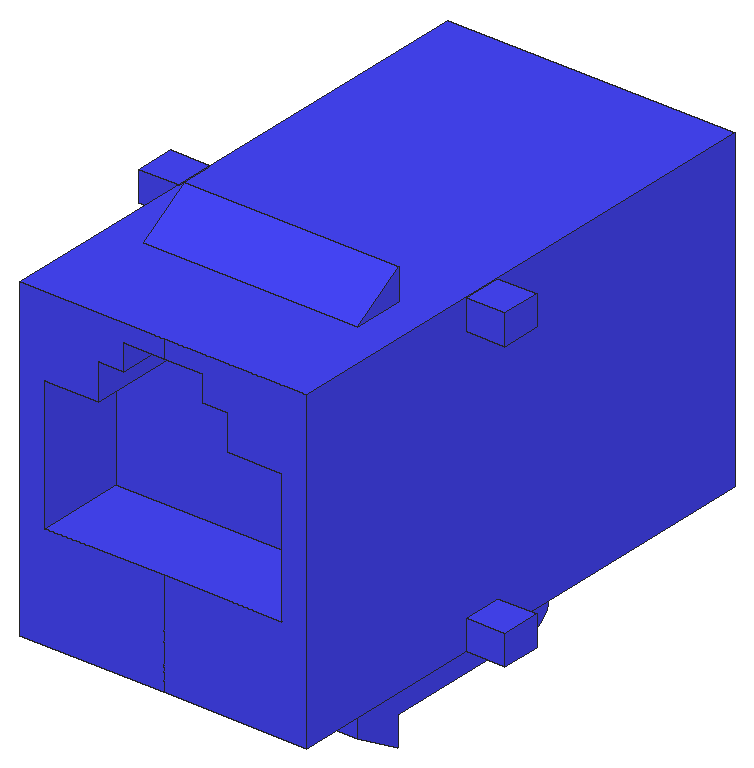
Revit family "ITK_Проходной адаптер категории 5E_Keystone Jack_Неэкранированный", category Обобщенные модели, Revit 2019
Family settings
  Может служить основой для арматурных стержней = Нет
  Размер круглого соединителя = Использовать диаметр
  Тип детали = Нормальный
  На основе рабочей плоскости = Нет
  Всегда вертикально = Да
  При загрузке вырезать с полостями = Нет
  Общий = Нет
  Точка расчета площади = Нет
Parameters (values of type "CS7-1C5EU")
  Ширина = 14.5 mm
  Степень защиты = ""
  Материал = Пластик белый
  Изготовитель = "ITK"  # constant formula
  Дата изменения = ""
  Глубина = 27 mm
  Высота = 16 mm
  URL = "https://www.iek.ru/"
  KSI_CPr_Строительные изделия = "61.1.03.04"  # constant formula
  KSI_CMa_Строительные материалы = "01.7.14.03"  # constant formula
  IEK_Цена за единицу = 106.9
  IEK_Поиск в таблице имен = ""
  IEK_Описание = "Соответствие международным стандартам качества, что обеспечивает совместимость с компонентами и с кабелем.\r\nИзготовлены из высококачественных негорючих материалов и отличаются надежностью и удобством эксплуатации."
  IEK_URL = "https://www.itk-group.ru/produktsiya/catalog/oborudovanie_telekommunikatsionnoe/komponenty_sks_mednye/rozetki_adaptery_i_moduli_keystone/moduli_keystone_jack_informatsionnye_rozetki_rozetochnye_korpusa_i_adaptery/adaptery/adaptery_neekranirovannye/itk_prokhodnoy_adapter_kat_5e_utp_rj45_rj45_8p8c_tip_keystone_jack_belyy"
  ADSK_Примечание = ""
  ADSK_Позиция [instance] = ""
  ADSK_Наименование = "ITK Проходной адаптер кат.5E UTP, RJ45-RJ45, тип Keystone Jack"
  ADSK_Материал обозначение = ""
  ADSK_Материал наименование = "Пластик"  # constant formula
  ADSK_Масса = 0
  ADSK_Марка = ""  # constant formula
  ADSK_Код изделия = "CS7-1C5EU"
  ADSK_Завод-изготовитель = "IEK"  # constant formula
  ADSK_Единица измерения = "шт"  # constant formula
  ADSK_Группирование = "I. ЩИТЫ И ПУЛЬТЫ"  # constant formula
  ADSK_Версия семейства = "1.0"  # constant formula
  ADSK_Версия Revit = "2019"  # constant formula
  ADSK_URL страницы изделия = "https://www.itk-group.ru/produktsiya/catalog/oborudovanie_telekommunikatsionnoe/komponenty_sks_mednye/rozetki_adaptery_i_moduli_keystone/moduli_keystone_jack_informatsionnye_rozetki_rozetochnye_korpusa_i_adaptery/adaptery/adaptery_neekranirovannye/"
Reference planes
  plane 1 "По центру (Вперед/Назад)": y = 0
  plane 2: z = 0
  plane 3 "По центру (Влево/Вправо)": x = 0
  plane 4: x = -7.25
  plane 5: x = 7.25
  plane 6: z = 16
  plane 7: y = 27
  plane 8: y = 16.404
  plane 9: z = 9.15
Forms (mm)
  Extrusion 1, solid, material "Пластик белый" <- "Материал", detail levels fine
    sketch origin (0, 0, 0) x (1, 0, 0) y (0, 1, 0)
      loop
        line (7.25, 27) -> (-7.25, 27) -> (-7.25, 0) -> (0, 0) -> (7.25, 0) -> (7.25, 27)
    from 16 to 0
  Extrusion 2, solid, material "Условный материал-отделка", detail levels coarse+medium
    sketch origin (0, 0, 0) x (1, 0, 0) y (0, 1, 0)
      loop
        line (-7.25, 0) -> (7.25, 0) -> (7.25, 27) -> (-7.25, 27) -> (-7.25, 0)
    from 16 to 0
  Extrusion 3, solid, material "Пластик белый" <- "Материал", detail levels fine
    sketch origin (0, 0, 18.3) x (0, 1, 0) y (0, 0, 1)
      loop
        line (18, -20.3) -> (18, -19.014)
        arc (18, -19.014) -> (18.064, -18.527) -> (18.5, -18.3) r 0.532
        line (18.5, -18.3) -> (14.5, -18.3)
        arc (14.5, -18.3) -> (14.897, -18.489) -> (15, -18.917) r 0.511
        line (15, -18.917) -> (15, -19.8)
        arc (15, -19.8) -> (14.795, -20.213) -> (14.342, -20.3) r 0.519
        line (14.342, -20.3) -> (6, -20.3) -> (6, -21.3) -> (8.5, -22.8) -> (8.5, -21.3) -> (17, -21.3)
        arc (17, -21.3) -> (17.707, -21.007) -> (18, -20.3) r 1
    from 5.016 to -5.016
  Extrusion 4, void
    sketch origin (0, 0, 0) x (1, 0, 0) y (0, 0, 1)
      loop
        line (-6, 5.3) -> (6, 5.3) -> (6, 12) -> (3.25, 12) -> (3.25, 13.8) -> (2, 13.8) -> (2, 15.1) -> (-2, 15.1) -> (-2, 13.8) -> (-3.25, 13.8) -> (-3.25, 12) -> (-6, 12) -> (-6, 5.3)
    from -4.5 to 0
  Extrusion 5, void
    sketch origin (0, 22.5, 0) x (1, 0, 0) y (0, 0, 1)
      loop
        line (-6, 5.3) -> (6, 5.3) -> (6, 12) -> (3.25, 12) -> (3.25, 13.8) -> (2, 13.8) -> (2, 15.1) -> (-2, 15.1) -> (-2, 13.8) -> (-3.25, 13.8) -> (-3.25, 12) -> (-6, 12) -> (-6, 5.3)
    from -4.5 to 0
  Extrusion 6, solid, material "Пластик белый", detail levels fine
    sketch origin (0, 0, 0) x (0, 1, 0) y (0, 0, 1)
      loop
        line (8.1, 17.6) -> (5.5, 16) -> (8.1, 16) -> (8.1, 17.6)
    from 5.4 to -5.4
  Extrusion 7, solid, material "Пластик белый", detail levels fine
    sketch origin (0, 0, 0) x (1, 0, 0) y (0, 0, 1)
      loop
        line (-9.25, 16) -> (-9.25, 14.5) -> (-7.25, 14.5) -> (-7.25, 16) -> (-9.25, 16)
      loop
        line (7.25, 16) -> (7.25, 14.5) -> (9.25, 14.5) -> (9.25, 16) -> (7.25, 16)
      loop
        line (-9.25, 1.5) -> (-9.25, 0) -> (-7.25, 0) -> (-7.25, 1.5) -> (-9.25, 1.5)
      loop
        line (7.25, 1.5) -> (7.25, 0) -> (9.25, 0) -> (9.25, 1.5) -> (7.25, 1.5)
    from -10 to -12
  Extrusion 8, solid, material "Окраска - RAL 9005", detail levels fine
    sketch origin (0.379, 35.118, 2.588) x (1, 0, 0) y (0, 1, 0)
      loop
        line (-5.232, -13.364) -> (-3.567, -13.364) -> (-3.567, -9.556) -> (-5.232, -9.556) -> (-5.232, -13.364)
      loop
        line (-5.232, -13.895) -> (-5.232, -15.511) -> (-3.567, -15.511) -> (-3.567, -13.895) -> (-5.232, -13.895)
      loop
        line (0.71, -15.511) -> (2.28, -15.511) -> (2.28, -13.668) -> (3.133, -13.668) -> (4.33, -15.511) -> (6.243, -15.511) -> (4.076, -12.538) -> (6.243, -9.556) -> (4.33, -9.556) -> (3.133, -11.399) -> (2.28, -11.399) -> (2.28, -9.556) -> (0.71, -9.556) -> (0.71, -15.511)
      loop
        line (-3.092, -13.895) -> (-3.092, -15.511) -> (0.169, -15.511) -> (0.169, -13.895) -> (-3.092, -13.895)
      loop
        line (-2.278, -13.364) -> (-0.613, -13.364) -> (-0.613, -9.556) -> (-2.278, -9.556) -> (-2.278, -13.364)
    from -3.069 to -2.588
  Extrusion 9, solid, material "Условный материал-отделка", detail levels coarse+medium
    sketch origin (0, 0, 0) x (1, 0, 0) y (0, 1, 0)
      loop
        line (-7.25, 27) -> (-7.25, 0) -> (7.25, 0) -> (7.25, 27) -> (-7.25, 27)
    from 0 to 16 <- "Высота"
Cuts and joins
  Extrusion 4, Extrusion 5 cuts Extrusion 1
  Extrusion 4, Extrusion 5 cuts Extrusion 2
Dimensions and locks
  "Высота": plane 6 to level
  plane 1 "По центру (Вперед/Назад)" to plane 7 = 27 mm
  plane 1 "По центру (Вперед/Назад)" to plane 8 = 16.404 mm
  "Глубина": plane 7 to plane 1 "По центру (Вперед/Назад)"
  equal spacing: plane 4, plane 3 "По центру (Влево/Вправо)", plane 5
  "Ширина": plane 4 to plane 5
  aligned and locked: level to plane 2
  aligned and locked: plane 6 to Extrusion 1
  aligned and locked: plane 6 to Extrusion 2
  aligned and locked: plane 7 to Extrusion 1
  aligned and locked: level to Extrusion 8
  aligned and locked: Extrusion 9 sketch curve to cut or joined group of Extrusion 1, Extrusion 4, Extrusion 5  (x3)
  aligned and locked: Extrusion 9 sketch curve to cut or joined group of Extrusion 2, Extrusion 4, Extrusion 5
  aligned and locked: plane 7 to Extrusion 5
Automatic sketch dimensions
  plane 1 "По центру (Вперед/Назад)" to Extrusion 1 sketch curve = 0 mm
  Extrusion 1 sketch curve to plane 4 = 0 mm
  Extrusion 1 sketch curve to plane 3 "По центру (Влево/Вправо)" = 0 mm
  Extrusion 1 sketch curve to plane 5 = 0 mm
  Extrusion 1 sketch curve to plane 7 = 0 mm
  Extrusion 2 sketch curve to plane 4 = 0 mm
  Extrusion 2 sketch curve to plane 5 = 0 mm
  plane 1 "По центру (Вперед/Назад)" to Extrusion 2 sketch curve = 0 mm
  Extrusion 2 sketch curve to plane 7 = 0 mm
  Extrusion 3 sketch curve to level = 0 mm
  Extrusion 3 sketch curve to Extrusion 3 sketch curve = 2.5 mm
  plane 8 to Extrusion 3 sketch curve = 2.062 mm
  Extrusion 3 sketch curve to Extrusion 3 sketch curve = 0.139 mm
  Extrusion 3 sketch curve to Extrusion 3 sketch curve = 0.019 mm
  Extrusion 3 sketch curve to Extrusion 3 sketch curve = 0.519 mm
  Extrusion 3 sketch curve to plane 8 = 0.596 mm
  level to Extrusion 3 sketch curve = 0.714 mm
  Extrusion 3 sketch curve to plane 8 = 1.596 mm
  Extrusion 3 sketch curve to Extrusion 3 sketch curve = 0.5 mm
  level to Extrusion 3 sketch curve = 0.511 mm
  Extrusion 3 sketch curve to Extrusion 3 sketch curve = 0.883 mm
  Extrusion 3 sketch curve to Extrusion 3 sketch curve = 1.286 mm
  Extrusion 3 sketch curve to Extrusion 3 sketch curve = 1 mm
  Extrusion 3 sketch curve to Extrusion 3 sketch curve = 1.5 mm
  plane 4 to Extrusion 4 sketch curve = 1.25 mm
  Extrusion 4 sketch curve to Extrusion 4 sketch curve = 2.75 mm
  Extrusion 4 sketch curve to plane 6 = 0.9 mm
  Extrusion 4 sketch curve to Extrusion 4 sketch curve = 1.25 mm  (x2)
  plane 3 "По центру (Влево/Вправо)" to Extrusion 4 sketch curve = 2 mm
  Extrusion 4 sketch curve to plane 5 = 1.25 mm
  Extrusion 4 sketch curve to Extrusion 4 sketch curve = 1.3 mm  (x2)
  Extrusion 4 sketch curve to plane 9 = 2.85 mm  (x2)
  plane 9 to Extrusion 4 sketch curve = 3.85 mm
  plane 4 to Extrusion 5 sketch curve = 1.25 mm
  Extrusion 5 sketch curve to Extrusion 5 sketch curve = 2.75 mm
  Extrusion 5 sketch curve to plane 6 = 0.9 mm
  Extrusion 5 sketch curve to Extrusion 5 sketch curve = 1.25 mm  (x2)
  plane 3 "По центру (Влево/Вправо)" to Extrusion 5 sketch curve = 2 mm
  Extrusion 5 sketch curve to plane 5 = 1.25 mm
  Extrusion 5 sketch curve to Extrusion 5 sketch curve = 1.3 mm  (x2)
  Extrusion 5 sketch curve to plane 9 = 2.85 mm  (x2)
  plane 9 to Extrusion 5 sketch curve = 3.85 mm
  Extrusion 6 sketch curve to plane 6 = 0 mm
  Extrusion 6 sketch curve to Extrusion 6 sketch curve = 2.6 mm
  plane 6 to Extrusion 6 sketch curve = 1.6 mm
  Extrusion 7 sketch curve to plane 6 = 0 mm  (x2)
  Extrusion 7 sketch curve to level = 0 mm  (x2)
  Extrusion 7 sketch curve to plane 4 = 0 mm  (x2)
  Extrusion 7 sketch curve to plane 5 = 0 mm  (x2)
  Extrusion 7 sketch curve to plane 4 = 2 mm
  Extrusion 7 sketch curve to Extrusion 7 sketch curve = 2 mm
  plane 5 to Extrusion 7 sketch curve = 2 mm  (x2)
  level to Extrusion 7 sketch curve = 1.5 mm  (x2)
  Extrusion 7 sketch curve to plane 6 = 1.5 mm
  Extrusion 7 sketch curve to Extrusion 7 sketch curve = 1.5 mm
  plane 4 to Extrusion 8 sketch curve = 2.397 mm
  Extrusion 8 sketch curve to Extrusion 8 sketch curve = 0 mm  (x4)
  Extrusion 8 sketch curve to Extrusion 8 sketch curve = 1.665 mm
  Extrusion 8 sketch curve to Extrusion 8 sketch curve = 0.475 mm
  Extrusion 8 sketch curve to Extrusion 8 sketch curve = 0.813 mm
  Extrusion 8 sketch curve to plane 3 "По центру (Влево/Вправо)" = 0.234 mm
  plane 3 "По центру (Влево/Вправо)" to Extrusion 8 sketch curve = 0.548 mm
  Extrusion 8 sketch curve to Extrusion 8 sketch curve = 0.541 mm
  Extrusion 8 sketch curve to Extrusion 8 sketch curve = 1.57 mm  (x2)
  plane 8 to Extrusion 8 sketch curve = 9.159 mm  (x4)
  Extrusion 8 sketch curve to Extrusion 8 sketch curve = 0.853 mm  (x2)
  Extrusion 8 sketch curve to Extrusion 8 sketch curve = 0.943 mm
  Extrusion 8 sketch curve to Extrusion 8 sketch curve = 2.05 mm  (x2)
  Extrusion 8 sketch curve to plane 5 = 0.628 mm  (x2)
  Extrusion 8 sketch curve to Extrusion 8 sketch curve = 1.843 mm  (x2)
  Extrusion 8 sketch curve to Extrusion 8 sketch curve = 1.139 mm
  plane 8 to Extrusion 8 sketch curve = 5.35 mm
  Extrusion 8 sketch curve to Extrusion 8 sketch curve = 1.13 mm
  Extrusion 8 sketch curve to Extrusion 8 sketch curve = 0.531 mm  (x2)
  Extrusion 8 sketch curve to Extrusion 8 sketch curve = 1.616 mm  (x2)
  Extrusion 3 sketch curve to Extrusion 3 sketch curve = 5.842 mm
  Extrusion 6 sketch curve to plane 1 "По центру (Вперед/Назад)" = 5.5 mm
